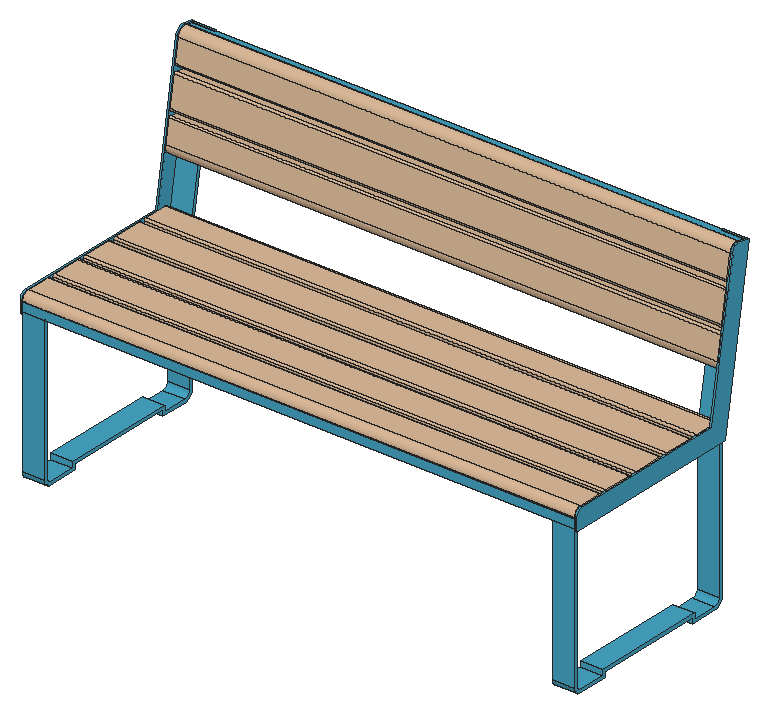
Revit family "product code 61201-S-L", category Meble, Revit 2021
Family settings
  Numer OmniClass = 23.40.20.00
  Tytuł OmniClass = General Furniture and Specialties
  Oparty na płaszczyźnie roboczej = Nie
  Zawsze pionowo = Tak
  Tnij formami wycięć po wczytaniu = Nie
  Współdzielony = Nie
  Punkt obliczania pomieszczeń = Nie
Parameters (values of type "61201-S-L")
  wood = Kobenhagen Wood - Larch
  metal = Kobenhagen RAL 5012
  Width = "58 cm"
  Weight = "55 kg"
  URL = "https://kobenhagen.com/en_US/p/Frederiksberg-3-person-Bench/134"
  Seat height = "45 cm"
  Product line = "Frederiksberg"
  Product Groups = "Sofa Benches"
  Producent = "Lars Laj"
  Keynote = ""
  Opis = "Frederiksberg 3-person Bench"
  Model = "61201-S-L"
  Material = "Larch, stainless steel, powder coated steel"
  Maintenance = "We recommend to examine and tighten all screws and bolt clamps after a few weeks’ use. In order to prevent cracks and to extend the life of the wood, it is recommended that the wood details should be oiled every 3-5 years."
  Lenght = "150 cm"
  Type Comments = ""
  Kobenhagen Materials = "larslaj.com/bim"
  Hosted on larslaj.com = "https://larslaj.com/bim"
  Height = "86 cm"
  Domyślna rzędna = 0 mm
  Copyright = "All designs and drawings are the intellectual property of Lars Laj A/S and are protected by Danish and international copyright laws."
Reference planes
  plane 1 "front": y = 0
  plane 2: z = 0
  plane 3 "Środek (Lewa/Prawa)": x = 0
  plane 4 "left": x = -745
  plane 5 "right": x = 745
  plane 6 "back": y = 575.242
  plane 7: x = -685
  plane 8: x = 685
  plane 9: x = 0
Forms (mm)
  Extrusion 1, solid, material "Kobenhagen Wood - Larch" <- "wood"
    sketch origin (0, 249.969, 21.46) x (0, 1, 0) y (0, 0, 1)
      loop
        arc (260.118, 429.703) -> (256.583, 428.239) -> (255.118, 424.703) r 5
        line (255.118, 424.703) -> (255.118, 388.972)
        arc (255.118, 388.972) -> (255.693, 387.586) -> (257.078, 387.012) r 1.96
        line (257.078, 387.012) -> (342.493, 387.012)
        arc (342.493, 387.012) -> (343.908, 387.598) -> (344.493, 389.012) r 2
        line (344.493, 389.012) -> (344.493, 424.703)
        arc (344.493, 424.703) -> (343.029, 428.239) -> (339.493, 429.703) r 5
        line (339.493, 429.703) -> (260.118, 429.703)
    from -745 to 745
  Extrusion 2, solid, material "Kobenhagen Wood - Larch" <- "wood"
    sketch origin (0, 147.52, 21.46) x (0, 1, 0) y (0, 0, 1)
      loop
        arc (260.118, 429.703) -> (256.583, 428.239) -> (255.118, 424.703) r 5
        line (255.118, 424.703) -> (255.118, 388.972)
        arc (255.118, 388.972) -> (255.693, 387.586) -> (257.078, 387.012) r 1.96
        line (257.078, 387.012) -> (342.493, 387.012)
        arc (342.493, 387.012) -> (343.908, 387.598) -> (344.493, 389.012) r 2
        line (344.493, 389.012) -> (344.493, 424.703)
        arc (344.493, 424.703) -> (343.029, 428.239) -> (339.493, 429.703) r 5
        line (339.493, 429.703) -> (260.118, 429.703)
    from -745 to 745
  Extrusion 3, solid, material "Kobenhagen Wood - Larch" <- "wood"
    sketch origin (0, 45.02, 21.46) x (0, 1, 0) y (0, 0, 1)
      loop
        arc (275.801, 429.704) -> (261.616, 423.828) -> (255.74, 409.642) r 20.061
        line (255.74, 409.642) -> (255.74, 407.796) -> (259.646, 407.796) -> (259.646, 387.013) -> (343.118, 387.013)
        arc (343.118, 387.013) -> (344.532, 387.598) -> (345.117, 389.012) r 1.999
        line (345.117, 389.012) -> (345.117, 424.706)
        arc (345.117, 424.706) -> (343.653, 428.24) -> (340.119, 429.704) r 4.998
        line (340.119, 429.704) -> (275.801, 429.704)
    from -745 to 745
  Extrusion 4, solid, material "Kobenhagen Wood - Larch" <- "wood"
    sketch origin (0, 352.52, 22.625) x (0, 1, 0) y (0, 0, 1)
      loop
        arc (260.118, 428.538) -> (256.583, 427.074) -> (255.118, 423.538) r 5
        line (255.118, 423.538) -> (255.118, 387.807)
        arc (255.118, 387.807) -> (255.693, 386.421) -> (257.078, 385.847) r 1.96
        line (257.078, 385.847) -> (342.493, 385.847)
        arc (342.493, 385.847) -> (343.908, 386.433) -> (344.493, 387.847) r 2
        line (344.493, 387.847) -> (344.493, 423.538)
        arc (344.493, 423.538) -> (343.029, 427.074) -> (339.493, 428.538) r 5
        line (339.493, 428.538) -> (260.118, 428.538)
    from -745 to 745
  Extrusion 5, solid, material "Kobenhagen Wood - Larch" <- "wood"
    sketch origin (0, 1193.724, 450.045) x (0, 0.173648, 0.984808) y (0, -0.984808, 0.173648)
      loop
        arc (260.118, 430.036) -> (256.583, 428.571) -> (255.118, 425.036) r 5
        line (255.118, 425.036) -> (255.118, 389.305)
        arc (255.118, 389.305) -> (255.693, 387.919) -> (257.078, 387.345) r 1.96
        line (257.078, 387.345) -> (340.844, 387.345) -> (341.15, 404.888) -> (343.753, 404.888)
        arc (343.753, 404.888) -> (338.433, 422.457) -> (321.714, 430.036) r 22.231
        line (321.714, 430.036) -> (260.118, 430.036)
    from -745 to 745
  Extrusion 6, solid, material "Kobenhagen Wood - Larch" <- "wood"
    sketch origin (0, 1175.653, 348.398) x (0, 0.173648, 0.984808) y (0, -0.984808, 0.173648)
      loop
        arc (260.118, 429.703) -> (256.583, 428.239) -> (255.118, 424.703) r 5
        line (255.118, 424.703) -> (255.118, 388.972)
        arc (255.118, 388.972) -> (255.693, 387.586) -> (257.078, 387.012) r 1.96
        line (257.078, 387.012) -> (342.493, 387.012)
        arc (342.493, 387.012) -> (343.908, 387.598) -> (344.493, 389.012) r 2
        line (344.493, 389.012) -> (344.493, 424.703)
        arc (344.493, 424.703) -> (343.029, 428.239) -> (339.493, 429.703) r 5
        line (339.493, 429.703) -> (260.118, 429.703)
    from -745 to 745
  Extrusion 7, solid, material "Kobenhagen RAL 5012" <- "metal", not visible
    sketch origin (0, -500, 0) x (0, 1, 0) y (0, 0, 1)
      loop
        arc (571.187, 451.5) -> (557.045, 445.642) -> (551.187, 431.5) r 20
        line (551.187, 431.5) -> (551.187, 18.231)
        arc (551.187, 18.231) -> (556.527, 5.34) -> (569.418, 0) r 18.231
        line (569.418, 0) -> (653.638, 0) -> (653.638, 15) -> (948.638, 15) -> (948.638, 0) -> (1027.023, 0)
        arc (1027.023, 0) -> (1042.307, 6.331) -> (1048.638, 21.615) r 21.615
        line (1048.638, 21.615) -> (1048.638, 429.407)
        arc (1048.638, 429.407) -> (1042.168, 445.029) -> (1026.545, 451.5) r 22.093
        line (1026.545, 451.5) -> (571.187, 451.5)
    from 750.378 to 745
  Extrusion 8, solid, material "Kobenhagen RAL 5012" <- "metal", not visible
    sketch origin (0, -500, 0) x (0, 1, 0) y (0, 0, 1)
      loop
        line (1048.638, 396.844) -> (1129.375, 854.725) -> (1101.836, 859.581)
        arc (1101.836, 859.581) -> (1085.224, 855.898) -> (1076.082, 841.547) r 22.232
        line (1076.082, 841.547) -> (1007.306, 451.5) -> (1026.545, 451.5)
        arc (1026.545, 451.5) -> (1042.168, 445.029) -> (1048.638, 429.407) r 22.093
        line (1048.638, 429.407) -> (1048.638, 396.844)
    from 745 to 750.378
  Extrusion 9, solid, material "Kobenhagen RAL 5012" <- "metal"
    sketch origin (0, 250, 0) x (0, 1, 0) y (0, 0, 1)
      loop
        line (548.638, 396.844) -> (629.375, 854.725) -> (621.989, 856.027) -> (543.073, 408.472) -> (51.187, 408.472) -> (51.187, 18.763)
        arc (51.187, 18.763) -> (56.683, 5.495) -> (69.95, 0) r 18.763
        line (69.95, 0) -> (153.638, 0) -> (153.638, 15) -> (448.638, 15) -> (448.638, 0) -> (525.342, 0)
        arc (525.342, 0) -> (541.815, 6.823) -> (548.638, 23.296) r 23.296
        line (548.638, 23.296) -> (548.638, 396.844)
      loop
        line (58.687, 400.262) -> (58.687, 18.763)
        arc (58.687, 18.763) -> (61.986, 10.799) -> (69.95, 7.5) r 11.263
        line (69.95, 7.5) -> (146.138, 7.5) -> (146.138, 22.5) -> (456.138, 22.5) -> (456.138, 7.5) -> (525.342, 7.5)
        arc (525.342, 7.5) -> (536.512, 12.127) -> (541.138, 23.296) r 15.796
        line (541.138, 23.296) -> (541.138, 400.262) -> (58.687, 400.262)
    from -745 to -685
  Extrusion 10, solid, material "Kobenhagen RAL 5012" <- "metal"
    sketch origin (0, 250, 0) x (0, 1, 0) y (0, 0, -1)
      loop
        line (548.638, -396.844) -> (548.638, -23.296)
        arc (548.638, -23.296) -> (541.815, -6.823) -> (525.342, 0) r 23.296
        line (525.342, 0) -> (448.638, 0) -> (448.638, -15) -> (153.638, -15) -> (153.638, 0) -> (69.95, 0)
        arc (69.95, 0) -> (56.683, -5.495) -> (51.187, -18.763) r 18.763
        line (51.187, -18.763) -> (51.187, -408.472) -> (543.073, -408.472) -> (621.989, -856.027) -> (629.375, -854.725) -> (548.638, -396.844)
      loop
        line (58.687, -400.262) -> (541.138, -400.262) -> (541.138, -23.296)
        arc (541.138, -23.296) -> (536.512, -12.127) -> (525.342, -7.5) r 15.796
        line (525.342, -7.5) -> (456.138, -7.5) -> (456.138, -22.5) -> (146.138, -22.5) -> (146.138, -7.5) -> (69.95, -7.5)
        arc (69.95, -7.5) -> (61.986, -10.799) -> (58.687, -18.763) r 11.263
        line (58.687, -18.763) -> (58.687, -400.262)
    from -745 to -685
  Extrusion 11, solid, material "Kobenhagen RAL 5012" <- "metal"
    sketch origin (0, 250, 0) x (0, 1, 0) y (0, 0, 1)
      loop
        line (577.516, 587.237) -> (621.404, 836.143) -> (618.571, 836.643) -> (574.682, 587.737) -> (577.516, 587.237)
      loop
        line (526.966, 405.63) -> (526.966, 408.472) -> (73.579, 408.472) -> (73.579, 405.63) -> (526.966, 405.63)
    from 38.106 to -28.886
  Extrusion 12, solid, material "Kobenhagen RAL 5012" <- "metal"
    sketch origin (0, 250, 0) x (0, 1, 0) y (0, 0, 1)
      loop
        line (624.848, 855.34) -> (604.709, 859.052) -> (604.207, 856.208) -> (621.46, 853.027) -> (618.538, 836.456) -> (621.274, 835.952) -> (624.848, 855.34)
    from -745 to 745
  Extrusion 13, solid, material "Kobenhagen RAL 5012" <- "metal"
    sketch origin (0, 761.206, 1359.691) x (0, -0.983564, -0.180562) y (0, 0.180562, -0.983564)
      loop
        line (624.851, 855.356) -> (602.712, 859.421) -> (602.187, 856.565) -> (621.46, 853.027) -> (617.851, 832.56) -> (620.557, 832.062) -> (624.851, 855.356)
    from -745 to 745
  Extrusion 14, solid, material "Kobenhagen Wood - Larch" <- "wood"
    sketch origin (0, 1262.608, 839.607) x (0, -0.173648, -0.984808) y (0, 0.984808, -0.173648)
      loop
        line (260.118, -430.036) -> (321.714, -430.036)
        arc (321.714, -430.036) -> (338.433, -422.457) -> (343.753, -404.888) r 22.231
        line (343.753, -404.888) -> (341.15, -404.888) -> (340.844, -387.345) -> (257.078, -387.345)
        arc (257.078, -387.345) -> (255.693, -387.919) -> (255.118, -389.305) r 1.96
        line (255.118, -389.305) -> (255.118, -425.036)
        arc (255.118, -425.036) -> (256.583, -428.571) -> (260.118, -430.036) r 5
    from -745 to 745
  Extrusion 15, solid, material "Kobenhagen RAL 5012" <- "metal"
    sketch origin (0, 527.877, 1584.643) x (0, 0.940353, -0.340202) y (0, 0.340202, 0.940353)
      loop
        line (624.848, -855.34) -> (621.274, -835.952) -> (618.538, -836.456) -> (621.46, -853.027) -> (604.207, -856.208) -> (604.709, -859.052) -> (624.848, -855.34)
    from -745 to 745
  Extrusion 16, solid, material "Kobenhagen RAL 5012" <- "metal"
    sketch origin (-0.872, 250.077, 0.354) x (0, -1, 0) y (0, 0, 1)
      loop
        line (-549.179, 399.908) -> (-51.11, 399.908) -> (-51.11, 432.124)
        arc (-51.11, 432.124) -> (-56.583, 445.337) -> (-69.796, 450.809) r 18.686
        line (-69.796, 450.809) -> (-507.184, 450.809) -> (-576.082, 841.547)
        arc (-576.082, 841.547) -> (-585.224, 855.898) -> (-601.836, 859.581) r 22.232
        line (-601.836, 859.581) -> (-629.375, 854.725) -> (-549.179, 399.908)
    from 745 to 750.378
  Extrusion 17, solid, material "Kobenhagen RAL 5012" <- "metal"
    sketch origin (0.872, 250.077, 0.354) x (0, -1, 0) y (0, 0, -1)
      loop
        line (-549.179, -399.908) -> (-629.375, -854.725) -> (-601.836, -859.581)
        arc (-601.836, -859.581) -> (-585.224, -855.898) -> (-576.082, -841.547) r 22.232
        line (-576.082, -841.547) -> (-507.184, -450.809) -> (-69.796, -450.809)
        arc (-69.796, -450.809) -> (-56.583, -445.337) -> (-51.11, -432.124) r 18.686
        line (-51.11, -432.124) -> (-51.11, -399.908) -> (-549.179, -399.908)
    from 745 to 750.378
  Extrusion 18, solid, material "Kobenhagen Wood - Larch" <- "wood"
    sketch origin (0, 1055.465, 21.46) x (0, -1, 0) y (0, 0, -1)
      loop
        line (275.801, -429.704) -> (340.119, -429.704)
        arc (340.119, -429.704) -> (343.653, -428.24) -> (345.117, -424.706) r 4.998
        line (345.117, -424.706) -> (345.117, -389.012)
        arc (345.117, -389.012) -> (344.532, -387.598) -> (343.118, -387.013) r 1.999
        line (343.118, -387.013) -> (259.646, -387.013) -> (259.646, -407.796) -> (255.74, -407.796) -> (255.74, -409.642)
        arc (255.74, -409.642) -> (261.616, -423.828) -> (275.801, -429.704) r 20.061
    from -745 to 745
  Extrusion 19, solid, material "Kobenhagen RAL 5012" <- "metal"
    sketch origin (0, 339.279, 1359.697) x (0, 0.983564, -0.180562) y (0, 0.180562, 0.983564)
      loop
        line (624.848, -855.34) -> (620.599, -832.288) -> (617.749, -832.813) -> (621.46, -853.027) -> (602.25, -856.568) -> (602.771, -859.41) -> (624.848, -855.34)
    from -745 to 745
Dimensions and locks
  Extrusion 1 sketch curve to Extrusion 1 sketch curve = 89.375 mm
  Extrusion 1 sketch curve to Extrusion 1 sketch curve = 42.691 mm
  Extrusion 2 sketch curve to Extrusion 2 sketch curve = 89.375 mm
  Extrusion 2 sketch curve to Extrusion 2 sketch curve = 42.691 mm
  Extrusion 3 sketch curve to Extrusion 3 sketch curve = 42.691 mm
  Extrusion 4 sketch curve to Extrusion 4 sketch curve = 89.375 mm
  Extrusion 4 sketch curve to Extrusion 4 sketch curve = 42.691 mm
  Extrusion 5 sketch curve to Extrusion 5 sketch curve = 42.691 mm
  Extrusion 6 sketch curve to Extrusion 6 sketch curve = 89.375 mm
  Extrusion 6 sketch curve to Extrusion 6 sketch curve = 42.691 mm
  Extrusion 14 sketch curve to Extrusion 14 sketch curve = 42.691 mm
  Extrusion 18 sketch curve to Extrusion 18 sketch curve = 42.691 mm
  aligned and locked: level to plane 2
  aligned and locked: plane 5 "right" to Extrusion 1
  aligned and locked: Extrusion 1 to plane 4 "left"
  aligned and locked: plane 5 "right" to Extrusion 4
  aligned and locked: plane 5 "right" to Extrusion 2
  aligned and locked: plane 5 "right" to Extrusion 3
  aligned and locked: plane 5 "right" to Extrusion 5
  aligned and locked: plane 5 "right" to Extrusion 6
  aligned and locked: Extrusion 5 to plane 4 "left"
  aligned and locked: Extrusion 6 to plane 4 "left"
  aligned and locked: Extrusion 4 to plane 4 "left"
  aligned and locked: Extrusion 2 to plane 4 "left"
  aligned and locked: Extrusion 3 to plane 4 "left"
  aligned and locked: Extrusion 9 to plane 4 "left"
  aligned and locked: plane 7 to Extrusion 9
  aligned and locked: plane 8 to Extrusion 10
  aligned and locked: plane 5 "right" to Extrusion 10
  aligned and locked: Extrusion 12 to plane 4 "left"
  aligned and locked: plane 5 "right" to Extrusion 12
